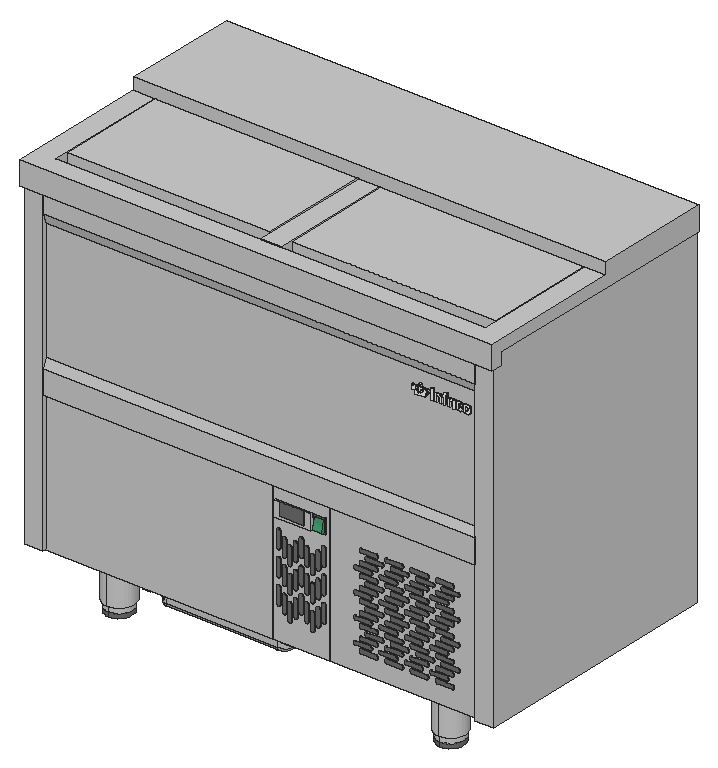
Revit family "QF_INFRICO_EB1000II_250806031856", category Specialty Equipment, Revit 2021
Family settings
  Round Connector Dimension = Use Diameter
  Part Type = Normal
  OmniClass Number = 23.40.40.14
  OmniClass Title = Food Service Equipment
  Work Plane-Based = No
  Always vertical = Yes
  Cut with Voids When Loaded = No
  Shared = No
  Room Calculation Point = No
Parameters (values of type "EB1000II")
  Weight [instance] = 64.9998 kg
  Waste Water Discharge Temperature [instance] = 0 °C
  Waste Remarks [instance] = ""
  Warranty Start Date [instance] = ""
  Warranty Duration [instance] = ""
  Volts [instance] = 230 V
  Volt Free Conn [instance] = no
  URL Recommended Spares List [instance] = ""
  URL Manufacturer [instance] = ""
  URL Cutsheet [instance] = ""
  URL Critical Spares List [instance] = ""
  URL = "www.infrico.com"
  Technical Documentation [instance] = ""
  Tag Number [instance] = ""
  Status [instance] = ""
  Start Up Current [instance] = 0 A
  Specification by User [instance] = ""
  Specification by Manufacturer [instance] = ""
  Sound Level [instance] = ""
  Show Logo [instance] = yes
  Show Clearances [instance] = yes
  Service Life Duration [instance] = ""
  Serial Number [instance] = ""
  Seismic Rating [instance] = ""
  SMACNA No [instance] = ""
  Revision Code [instance] = ""
  Revision [instance] = ""
  Production Year [instance] = ""
  Potential Equalisation [instance] = no
  Point Load [instance] = 0
  Plumbing Connection Type [instance] = ""
  Phase [instance] = 1
  Other Equipment Approvals [instance] = ""
  Operational Current [instance] = 0 A
  Number of Poles [instance] = 2
  No Load Power Draw [instance] = no
  NAFEM Spec ID Number [instance] = ""
  Model Warning [instance] = ""
  Model = "EB1000II"
  Min Ckt Ampacity [instance] = 0 A
  Max Overcurrent Protection [instance] = 0 A
  Masterspec [instance] = ""
  Manufacturer = "INFRICO"
  Main switch integrated [instance] = no
  Length Actual [instance] = 1004.062 mm
  Item Number [instance] = ""
  Installed By [instance] = ""
  Installation Date [instance] = ""
  Indirect Waste Size [instance] = 19.05 mm
  Indirect Waste Remarks [instance] = ""
  Indirect Waste Flow [instance] = 0.0 L/s
  Indirect Waste Connection Type [instance] = ""
  Indirect Waste Connection Height [instance] = 0 mm
  Identify Quantity as Lot [instance] = no
  ID [instance] = ""
  Hygiene Approval [instance] = ""
  Height Actual [instance] = 865.124 mm
  HP power [instance] = ""
  Furnished By [instance] = ""
  Foodservice Equipment Identifier [instance] = no
  FL Amps [instance] = 0 A
  Electrical Remarks [instance] = ""
  Electric power [instance] = 90 W
  Electric Connection Type [instance] = ""
  Elec Conn RI Height [instance] = 0 mm
  Elec Conn Connection Height [instance] = 0 mm
  ETL Approved [instance] = no
  Direct Waste Water Discharge Temperature [instance] = -273.15 °C
  Direct Waste Size [instance] = 19.05 mm
  Direct Waste RI Height [instance] = 0 mm
  Direct Waste Flow [instance] = 0.0 L/s
  Direct Waste Connection Height [instance] = 0 mm
  Description = "CHEST BOTTLE COOLER - TWO DOORS - R600A"
  Depth Actual [instance] = 549.91 mm
  Default Elevation = 0 mm
  Cycle [instance] = 50 Hz
  Cost = 0
  Connection to energy optimisation system [instance] = yes
  Conn Plug [instance] = ""
  Conn Conduit [instance] = no
  Centralized building control system with digital interface [instance] = ""
  CSI MasterFormat [instance] = ""
  CE Approved [instance] = no
  Barcode [instance] = 0
  Author [instance] = ""
  Asset Identifier [instance] = ""
  Apparent Power [instance] = 90 VA
  Accessory [instance] = no
Reference planes
  plane 1 "Center (Front/Back)": y = 0
  plane 2: z = 0
  plane 3 "Center (Left/Right)": x = 0
Forms (mm)
  Extrusion 1, solid, not visible
    sketch origin (572.028, -273.113, 107.005) x (1, 0, 0) y (0, 1, 0)
      loop
        line (-2, 2) -> (-2, -2) -> (2, -2) -> (2, 2) -> (-2, 2)
    from -2 to 2
  Extrusion 2, solid, not visible
    sketch origin (437.521, -84.104, 107.005) x (1, 0, 0) y (0, 1, 0)
      loop
        line (-2, 2) -> (-2, -2) -> (2, -2) -> (2, 2) -> (-2, 2)
    from -2 to 2
Dimensions and locks
  locked: nested 2 to Extrusion 1 at 2  (x2)
  locked: nested 3 to Extrusion 2 at 2  (x2)
  aligned and locked: level to plane 2
Nested families
  nested 1: "QF_INFRICO_EB1000II_2920" at (0, 0, 0), type "EB1000II"
    with Weight 64.9998 kg, Warranty Start Date "", Warranty Duration "", URL Cutsheet "", Technical Documentation "", Tag Number "", Status "", Specification by User "", Specification by Manufacturer "", Sound Level "", Solid Fuel Type "", Show Logo yes, Show Clearances yes, Show Clearance yes, Service Life Duration "", Serial Number "", Seismic Rating "", SMACNA No "", Revision Code "", Revision "", Production Year "", Point Load 0, Other Equipment Approvals "", NAFEM Spec ID Number "", Model Warning "", Masterspec "", Length Actual 1004.062 mm, Item Number "", Installed By "", Installation Date "", Identify Quantity as Lot yes, ID "", Hygiene Approval "", Height Actual 865.124 mm, Furnished By "", Foodservice Equipment Identifier yes, Finish none, ETL Approved yes, Depth Actual 549.91 mm, CSI MasterFormat "", CE Approved no, Barcode "", Author "", Asset Identifier "", Accessory no
  nested 2: "CONN_POINT_DRAIN_2D___Generic_Annotation" at (572.028, -273.113, 105.005), type "CONN_POINT_DRAIN_2D___Generic_Annotation"
    with Onboard connection annotation symbol visibility yes
  nested 3: "CONN_POINT_ELE_2D___Generic_Annotation" at (437.521, -84.104, 105.005), type "CONN_POINT_ELE_2D___Generic_Annotation"
    with Onboard connection annotation symbol visibility yes
Connectors
  piping at (572.028, -273.113, 105.005), diameter 19.05, driven by "Indirect Waste Size", driven by "Direct Waste Flow"
    settings: on Extrusion 1, index 1, connector inside diameter 609.6 mm, connector length 0 mm, flow factor 0, pipe flow 0.0 L/s, pressure drop 0.0 Pa, fitting loss kfactor 0, connector angle 0.00°, fixture units 0, engagement length 0 mm, angle of deflection 0.00°, flow configuration 1, flow direction 2, fitting loss method 0, system type 16, joint type 0, gender type 0, connector reference index -1, connector utility 0, adjustable connector no, is connector primary yes, connector description "Waste connection for EB1000II"
  electrical at (437.521, -84.104, 105.005), driven by "Apparent Power", driven by "Number of Poles", driven by "Volts"
    settings: on Extrusion 2, index 2, voltage 230 V, apparent load 0 VA, apparent load phase1 90 VA, apparent load phase2 0 VA, apparent load phase3 0 VA, power factor 1, load classification "Other", number of poles 2, system type 31, power factor state 1, is connector primary yes, connector utility no, sub classification motor no, connector description "Electrical connection for EB1000II"
Definition of nested family "QF_INFRICO_EB1000II_2920"
  Parameters (values of type "EB1000II")
    Weight [instance] = 0.00 kg
    Warranty Start Date [instance] = ""
    Warranty Duration [instance] = ""
    URL Cutsheet [instance] = ""
    URL = "www.infrico.com"
    Technical Documentation [instance] = ""
    Tag Number [instance] = ""
    Status [instance] = ""
    Specification by User [instance] = ""
    Specification by Manufacturer [instance] = ""
    Sound Level [instance] = ""
    Solid Fuel Type [instance] = ""
    Show Logo [instance] = yes
    Show Clearances [instance] = yes
    Show Clearance [instance] = yes
    Service Life Duration [instance] = ""
    Serial Number [instance] = ""
    Seismic Rating [instance] = ""
    SMACNA No [instance] = ""
    Revision Code [instance] = ""
    Revision [instance] = ""
    Production Year [instance] = ""
    Point Load [instance] = 0
    Other Equipment Approvals [instance] = ""
    NAFEM Spec ID Number [instance] = ""
    Model Warning [instance] = ""
    Model = "EB1000II"
    Masterspec [instance] = ""
    Manufacturer = "INFRICO"
    Length Actual [instance] = 0 mm
    Item Number [instance] = ""
    Installed By [instance] = ""
    Installation Date [instance] = ""
    Identify Quantity as Lot [instance] = yes
    ID [instance] = ""
    Hygiene Approval [instance] = ""
    Height Actual [instance] = 0 mm
    Furnished By [instance] = ""
    Foodservice Equipment Identifier [instance] = yes
    Finish [instance] = none
    ETL Approved [instance] = yes
    Description = "CHEST BOTTLE COOLER - TWO DOORS - R600A"
    Depth Actual [instance] = 0 mm
    Default Elevation = 0 mm
    CSI MasterFormat [instance] = ""
    CE Approved [instance] = yes
    Barcode [instance] = ""
    Author [instance] = ""
    Asset Identifier [instance] = ""
    Assembly Code = "E1090320"
    Accessory [instance] = yes
  Reference planes
    plane 1 "Back": y = 0
    plane 2: z = 0
    plane 3 "Left": x = 0
    plane 4 "Right": x = 1004
    plane 5 "Front": y = -550
    plane 6 "Top": z = 865
  Forms (mm)
    Extrusion 1, solid
      sketch origin (0, 0, -15) x (0, 1, 0) y (0, 0, 1)
        loop
          line (0, 880) -> (-247, 880) -> (-247, 855) -> (0, 855) -> (0, 880)
      from 0 to 1004
    Extrusion 2, solid
      sketch origin (0, 0, -15) x (1, 0, 0) y (0, 0, 1)
        loop
          line (44, 855) -> (0, 855) -> (0, 830) -> (3, 830) -> (3, 836) -> (44, 836) -> (44, 855)
      from 0 to 510
    Extrusion 3, solid
      sketch origin (1004, 0, -15) x (-1, 0, 0) y (0, 0, -1)
        loop
          line (44, -855) -> (44, -836) -> (3, -836) -> (3, -830) -> (0, -830) -> (0, -855) -> (44, -855)
      from 0 to 510
    Extrusion 4, solid
      sketch origin (0, 0, -15) x (0, 1, 0) y (0, 0, 1)
        loop
          line (-510, 830) -> (-510, 855) -> (-550, 855) -> (-550, 830) -> (-510, 830)
      from 0 to 1004
    Extrusion 5, solid
      sketch origin (2, 0, -15) x (0, 1, 0) y (0, 0, 1)
        loop
          line (-247, 855) -> (-482, 855) -> (-482, 832) -> (-510, 832) -> (-510, 830) -> (-247, 830) -> (-247, 855)
      from 44 to 475
    Extrusion 6, solid
      sketch origin (0, 0, -15) x (0, 1, 0) y (0, 0, 1)
        loop
          line (0, 855) -> (-44, 855) -> (-44, 830) -> (0, 830) -> (0, 855)
      from 44 to 960
    Extrusion 7, solid
      sketch origin (0, 0, -15) x (1, 0, 0) y (0, 0, 1)
        loop
          line (3, 830) -> (44, 830) -> (44, 836) -> (3, 836) -> (3, 830)
      from 0 to 44
    Extrusion 8, solid
      sketch origin (957, 0, -15) x (1, 0, 0) y (0, 0, 1)
        loop
          line (3, 830) -> (44, 830) -> (44, 836) -> (3, 836) -> (3, 830)
      from 0 to 44
    Extrusion 9, solid
      sketch origin (3, 0, -15) x (0, 1, 0) y (0, 0, 1)
        loop
          line (-542, 120) -> (0, 120) -> (0, 830) -> (-542, 830) -> (-542, 120)
      from 0 to 39
    Extrusion 10, solid, visible <- "Show Logo"
      sketch origin (-339.318, -535, -15.716) x (1, 0, 0) y (0, 0, 1)
        loop
          line (1208.799, 696.53) -> (1208.799, 719.204) -> (1204.173, 719.204) -> (1204.173, 696.53) -> (1208.799, 696.53)
        loop
          line (1214.779, 713.006) -> (1211.283, 713.006) -> (1211.283, 696.53) -> (1215.772, 696.53) -> (1215.772, 707.832)
          arc (1215.772, 707.832) -> (1217.528, 708.741) -> (1219.417, 709.324) r 11.052
          arc (1219.417, 709.324) -> (1220.929, 708.961) -> (1221.598, 707.557) r 1.806
          line (1221.598, 707.557) -> (1221.598, 696.53) -> (1226.121, 696.53) -> (1226.121, 708.689)
          arc (1226.121, 708.689) -> (1224.637, 712.075) -> (1221.141, 713.281) r 4.607
          arc (1221.141, 713.281) -> (1218.282, 712.674) -> (1215.669, 711.361) r 11.435
          line (1215.669, 711.361) -> (1215.601, 712.184)
          arc (1215.601, 712.184) -> (1215.36, 712.765) -> (1214.779, 713.006) r 0.822
        loop
          line (1238.557, 720.102) -> (1237.306, 720.102)
          arc (1237.306, 720.102) -> (1235.052, 719.926) -> (1232.881, 719.297) r 11.103
          arc (1232.881, 719.297) -> (1230.805, 717.616) -> (1230.024, 715.062) r 4.567
          line (1230.024, 715.062) -> (1230.024, 712.909) -> (1227.351, 712.703) -> (1227.351, 709.374) -> (1230.024, 709.374) -> (1230.024, 696.53) -> (1234.547, 696.53) -> (1234.547, 709.374) -> (1238.249, 709.374) -> (1238.249, 712.938) -> (1234.547, 712.938) -> (1234.547, 714.548)
          arc (1234.547, 714.548) -> (1234.956, 715.705) -> (1236.045, 716.271) r 1.67
          line (1236.045, 716.271) -> (1237.7, 716.399)
          arc (1237.7, 716.399) -> (1238.306, 716.65) -> (1238.557, 717.255) r 0.857
          line (1238.557, 717.255) -> (1238.557, 720.102)
        loop
          line (1239.479, 713.006) -> (1239.479, 696.53) -> (1243.968, 696.53) -> (1243.968, 707.352)
          arc (1243.968, 707.352) -> (1245.873, 708.631) -> (1248.077, 709.268) r 7.435
          line (1248.077, 709.268) -> (1249.241, 709.416)
          arc (1249.241, 709.416) -> (1249.643, 709.758) -> (1249.793, 710.265) r 0.928
          line (1249.793, 710.265) -> (1249.793, 712.458)
          arc (1249.793, 712.458) -> (1249.531, 713.061) -> (1248.912, 713.28) r 0.824
          arc (1248.912, 713.28) -> (1246.197, 712.588) -> (1243.899, 710.984) r 7.833
          line (1243.899, 710.984) -> (1243.726, 713.006) -> (1239.479, 713.006)
        loop
          line (1255.495, 696.53) -> (1255.495, 713.006) -> (1251.006, 713.006) -> (1251.006, 696.53) -> (1255.495, 696.53)
        loop
          arc (1257.421, 701.327) -> (1258.567, 698.188) -> (1261.466, 696.525) r 4.873
          arc (1261.466, 696.525) -> (1264.493, 696.266) -> (1267.521, 696.525) r 17.816
          arc (1267.521, 696.525) -> (1270.575, 699.134) -> (1271.505, 703.041) r 6.481
          line (1271.505, 703.041) -> (1267.187, 703.041) -> (1267.187, 701.67)
          arc (1267.187, 701.67) -> (1266.64, 700.452) -> (1265.442, 699.865) r 1.965
          arc (1265.442, 699.865) -> (1264.547, 699.816) -> (1263.653, 699.865) r 8.196
          arc (1263.653, 699.865) -> (1262.417, 700.415) -> (1261.91, 701.67) r 1.806
          line (1261.91, 701.67) -> (1261.91, 707.9)
          arc (1261.91, 707.9) -> (1262.417, 709.155) -> (1263.653, 709.705) r 1.806
          arc (1263.653, 709.705) -> (1264.547, 709.754) -> (1265.442, 709.705) r 8.196
          arc (1265.442, 709.705) -> (1266.64, 709.118) -> (1267.187, 707.9) r 1.965
          line (1267.187, 707.9) -> (1267.187, 706.838) -> (1271.505, 706.838)
          arc (1271.505, 706.838) -> (1270.524, 710.556) -> (1267.521, 712.959) r 6.132
          arc (1267.521, 712.959) -> (1264.493, 713.294) -> (1261.466, 712.959) r 13.851
          arc (1261.466, 712.959) -> (1258.571, 711.349) -> (1257.421, 708.243) r 4.772
          line (1257.421, 708.243) -> (1257.421, 701.327)
        loop
          arc (1272.916, 701.329) -> (1273.993, 698.345) -> (1276.726, 696.734) r 4.676
          arc (1276.726, 696.734) -> (1278.515, 696.455) -> (1280.318, 696.291) r 28.371
          arc (1280.318, 696.291) -> (1282.122, 696.455) -> (1283.911, 696.734) r 28.371
          arc (1283.911, 696.734) -> (1286.644, 698.345) -> (1287.72, 701.329) r 4.676
          line (1287.72, 701.329) -> (1287.72, 708.242)
          arc (1287.72, 708.242) -> (1286.644, 711.226) -> (1283.911, 712.837) r 4.676
          arc (1283.911, 712.837) -> (1282.122, 713.116) -> (1280.318, 713.28) r 28.371
          arc (1280.318, 713.28) -> (1278.515, 713.116) -> (1276.726, 712.837) r 28.371
          arc (1276.726, 712.837) -> (1273.993, 711.226) -> (1272.916, 708.242) r 4.676
          line (1272.916, 708.242) -> (1272.916, 701.329)
        loop
          line (1277.405, 707.866) -> (1277.405, 701.705)
          arc (1277.405, 701.705) -> (1277.844, 700.556) -> (1278.936, 699.991) r 1.725
          arc (1278.936, 699.991) -> (1279.627, 699.918) -> (1280.318, 699.856) r 46.133
          arc (1280.318, 699.856) -> (1281.01, 699.918) -> (1281.701, 699.991) r 46.133
          arc (1281.701, 699.991) -> (1282.793, 700.556) -> (1283.231, 701.705) r 1.725
          line (1283.231, 701.705) -> (1283.231, 707.866)
          arc (1283.231, 707.866) -> (1282.793, 709.015) -> (1281.701, 709.58) r 1.725
          arc (1281.701, 709.58) -> (1281.01, 709.653) -> (1280.318, 709.716) r 46.133
          arc (1280.318, 709.716) -> (1279.627, 709.653) -> (1278.936, 709.58) r 46.133
          arc (1278.936, 709.58) -> (1277.844, 709.015) -> (1277.405, 707.866) r 1.725
        loop
          arc (1190.339, 696.543) -> (1191.411, 696.987) -> (1191.856, 698.059) r 1.516
          line (1191.856, 698.059) -> (1191.856, 703.891) -> (1196.035, 703.891)
          arc (1196.035, 703.891) -> (1196.79, 704.121) -> (1197.218, 704.782) r 1.147
          line (1197.218, 704.782) -> (1197.218, 706.211)
          arc (1197.218, 706.211) -> (1196.787, 707.258) -> (1195.719, 707.634) r 1.385
          line (1195.719, 707.634) -> (1194.52, 707.634) -> (1197.218, 710.332)
          arc (1197.218, 710.332) -> (1197.605, 711.266) -> (1197.218, 712.2) r 1.321
          line (1197.218, 712.2) -> (1196.495, 712.923)
          arc (1196.495, 712.923) -> (1195.54, 713.338) -> (1194.558, 712.991) r 1.422
          line (1194.558, 712.991) -> (1191.853, 710.286) -> (1191.853, 711.479)
          arc (1191.853, 711.479) -> (1191.443, 712.516) -> (1190.435, 712.992) r 1.516
          line (1190.435, 712.992) -> (1189.514, 712.992)
          arc (1189.514, 712.992) -> (1188.511, 712.514) -> (1188.103, 711.479) r 1.516
          line (1188.103, 711.479) -> (1188.103, 706.83) -> (1182.073, 701.336) -> (1182.073, 707.509) -> (1185.639, 711.075)
          arc (1185.639, 711.075) -> (1186.053, 712.073) -> (1185.639, 713.071) r 1.412
          line (1185.639, 713.071) -> (1184.987, 713.723)
          arc (1184.987, 713.723) -> (1183.939, 714.141) -> (1182.915, 713.667) r 1.428
          line (1182.915, 713.667) -> (1182.073, 712.825) -> (1182.073, 717.784)
          arc (1182.073, 717.784) -> (1181.658, 718.787) -> (1180.655, 719.203) r 1.418
          line (1180.655, 719.203) -> (1179.726, 719.203)
          arc (1179.726, 719.203) -> (1178.723, 718.787) -> (1178.308, 717.784) r 1.418
          line (1178.308, 717.784) -> (1178.308, 712.825) -> (1177.466, 713.667)
          arc (1177.466, 713.667) -> (1176.442, 714.141) -> (1175.394, 713.723) r 1.428
          line (1175.394, 713.723) -> (1174.742, 713.071)
          arc (1174.742, 713.071) -> (1174.328, 712.073) -> (1174.742, 711.075) r 1.412
          line (1174.742, 711.075) -> (1178.308, 707.509) -> (1178.308, 701.336) -> (1172.278, 706.83) -> (1172.278, 711.479)
          arc (1172.278, 711.479) -> (1171.87, 712.514) -> (1170.867, 712.992) r 1.516
          line (1170.867, 712.992) -> (1169.946, 712.992)
          arc (1169.946, 712.992) -> (1168.938, 712.516) -> (1168.528, 711.479) r 1.516
          line (1168.528, 711.479) -> (1168.528, 710.286) -> (1165.823, 712.991)
          arc (1165.823, 712.991) -> (1164.841, 713.338) -> (1163.886, 712.923) r 1.422
          line (1163.886, 712.923) -> (1163.163, 712.2)
          arc (1163.163, 712.2) -> (1162.776, 711.266) -> (1163.163, 710.332) r 1.321
          line (1163.163, 710.332) -> (1165.861, 707.634) -> (1164.662, 707.634)
          arc (1164.662, 707.634) -> (1163.594, 707.258) -> (1163.163, 706.211) r 1.385
          line (1163.163, 706.211) -> (1163.163, 704.782)
          arc (1163.163, 704.782) -> (1163.591, 704.121) -> (1164.346, 703.891) r 1.147
          line (1164.346, 703.891) -> (1168.525, 703.891) -> (1168.525, 698.059)
          arc (1168.525, 698.059) -> (1168.969, 696.987) -> (1170.042, 696.543) r 1.516
          line (1170.042, 696.543) -> (1190.339, 696.543)
      from 0 to 2
    Extrusion 11, solid
      sketch origin (635.5, -534, 1402.457) x (0, -1, 0) y (0, 0, 1)
        loop
          line (0, -1056.457) -> (2, -1056.457)
          arc (2, -1056.457) -> (5.042, -1056.207) -> (8.002, -1055.466) r 18.678
          arc (8.002, -1055.466) -> (4.242, -1043.724) -> (3, -1031.457) r 59.104
          line (3, -1031.457) -> (0, -1031.457) -> (0, -1056.457)
      from 0 to 19
    Extrusion 12, solid
      sketch origin (635.5, -536, 1402.457) x (-1, 0, 0) y (0, 0, 1)
        loop
          line (22, -1028.457) -> (-3, -1028.457) -> (-3, -1059.457) -> (22, -1059.457) -> (22, -1028.457)
      from 0 to 2
    Extrusion 13, solid
      sketch origin (1813.844, -534.1, 58.143) x (-1, 0, 0) y (0, 0, 1)
        loop
          arc (1280.344, 256.857) -> (1275.844, 261.357) -> (1271.344, 256.857) r 4.5
          line (1271.344, 256.857) -> (1271.344, 225.857)
          arc (1271.344, 225.857) -> (1275.844, 221.357) -> (1280.344, 225.857) r 4.5
          line (1280.344, 225.857) -> (1280.344, 256.857)
        loop
          arc (1268.344, 244.857) -> (1263.844, 249.357) -> (1259.344, 244.857) r 4.5
          line (1259.344, 244.857) -> (1259.344, 213.857)
          arc (1259.344, 213.857) -> (1263.844, 209.357) -> (1268.344, 213.857) r 4.5
          line (1268.344, 213.857) -> (1268.344, 244.857)
        loop
          arc (1256.344, 232.857) -> (1251.844, 237.357) -> (1247.344, 232.857) r 4.5
          line (1247.344, 232.857) -> (1247.344, 201.857)
          arc (1247.344, 201.857) -> (1251.844, 197.357) -> (1256.344, 201.857) r 4.5
          line (1256.344, 201.857) -> (1256.344, 232.857)
        loop
          arc (1244.344, 244.857) -> (1239.844, 249.357) -> (1235.344, 244.857) r 4.5
          line (1235.344, 244.857) -> (1235.344, 213.857)
          arc (1235.344, 213.857) -> (1239.844, 209.357) -> (1244.344, 213.857) r 4.5
          line (1244.344, 213.857) -> (1244.344, 244.857)
        loop
          arc (1232.344, 256.857) -> (1227.844, 261.357) -> (1223.344, 256.857) r 4.5
          line (1223.344, 256.857) -> (1223.344, 225.857)
          arc (1223.344, 225.857) -> (1227.844, 221.357) -> (1232.344, 225.857) r 4.5
          line (1232.344, 225.857) -> (1232.344, 256.857)
        loop
          arc (1220.344, 244.857) -> (1215.844, 249.357) -> (1211.344, 244.857) r 4.5
          line (1211.344, 244.857) -> (1211.344, 213.857)
          arc (1211.344, 213.857) -> (1215.844, 209.357) -> (1220.344, 213.857) r 4.5
          line (1220.344, 213.857) -> (1220.344, 244.857)
        loop
          arc (1208.344, 232.857) -> (1203.844, 237.357) -> (1199.344, 232.857) r 4.5
          line (1199.344, 232.857) -> (1199.344, 201.857)
          arc (1199.344, 201.857) -> (1203.844, 197.357) -> (1208.344, 201.857) r 4.5
          line (1208.344, 201.857) -> (1208.344, 232.857)
        loop
          arc (1196.344, 244.857) -> (1191.844, 249.357) -> (1187.344, 244.857) r 4.5
          line (1187.344, 244.857) -> (1187.344, 213.857)
          arc (1187.344, 213.857) -> (1191.844, 209.357) -> (1196.344, 213.857) r 4.5
          line (1196.344, 213.857) -> (1196.344, 244.857)
        loop
          line (1175.344, 256.857) -> (1175.344, 225.857)
          arc (1175.344, 225.857) -> (1179.844, 221.357) -> (1184.344, 225.857) r 4.5
          line (1184.344, 225.857) -> (1184.344, 256.857)
          arc (1184.344, 256.857) -> (1179.844, 261.357) -> (1175.344, 256.857) r 4.5
        loop
          arc (1280.344, 202.857) -> (1275.844, 207.357) -> (1271.344, 202.857) r 4.5
          line (1271.344, 202.857) -> (1271.344, 171.857)
          arc (1271.344, 171.857) -> (1275.844, 167.357) -> (1280.344, 171.857) r 4.5
          line (1280.344, 171.857) -> (1280.344, 202.857)
        loop
          arc (1268.344, 190.857) -> (1263.844, 195.357) -> (1259.344, 190.857) r 4.5
          line (1259.344, 190.857) -> (1259.344, 159.857)
          arc (1259.344, 159.857) -> (1263.844, 155.357) -> (1268.344, 159.857) r 4.5
          line (1268.344, 159.857) -> (1268.344, 190.857)
        loop
          arc (1256.344, 178.857) -> (1251.844, 183.357) -> (1247.344, 178.857) r 4.5
          line (1247.344, 178.857) -> (1247.344, 147.857)
          arc (1247.344, 147.857) -> (1251.844, 143.357) -> (1256.344, 147.857) r 4.5
          line (1256.344, 147.857) -> (1256.344, 178.857)
        loop
          arc (1244.344, 190.857) -> (1239.844, 195.357) -> (1235.344, 190.857) r 4.5
          line (1235.344, 190.857) -> (1235.344, 159.857)
          arc (1235.344, 159.857) -> (1239.844, 155.357) -> (1244.344, 159.857) r 4.5
          line (1244.344, 159.857) -> (1244.344, 190.857)
        loop
          arc (1232.344, 202.857) -> (1227.844, 207.357) -> (1223.344, 202.857) r 4.5
          line (1223.344, 202.857) -> (1223.344, 171.857)
          arc (1223.344, 171.857) -> (1227.844, 167.357) -> (1232.344, 171.857) r 4.5
          line (1232.344, 171.857) -> (1232.344, 202.857)
        loop
          arc (1220.344, 190.857) -> (1215.844, 195.357) -> (1211.344, 190.857) r 4.5
          line (1211.344, 190.857) -> (1211.344, 159.857)
          arc (1211.344, 159.857) -> (1215.844, 155.357) -> (1220.344, 159.857) r 4.5
          line (1220.344, 159.857) -> (1220.344, 190.857)
        loop
          arc (1208.344, 178.857) -> (1203.844, 183.357) -> (1199.344, 178.857) r 4.5
          line (1199.344, 178.857) -> (1199.344, 147.857)
          arc (1199.344, 147.857) -> (1203.844, 143.357) -> (1208.344, 147.857) r 4.5
          line (1208.344, 147.857) -> (1208.344, 178.857)
        loop
          arc (1196.344, 190.857) -> (1191.844, 195.357) -> (1187.344, 190.857) r 4.5
          line (1187.344, 190.857) -> (1187.344, 159.857)
          arc (1187.344, 159.857) -> (1191.844, 155.357) -> (1196.344, 159.857) r 4.5
          line (1196.344, 159.857) -> (1196.344, 190.857)
        loop
          line (1175.344, 202.857) -> (1175.344, 171.857)
          arc (1175.344, 171.857) -> (1179.844, 167.357) -> (1184.344, 171.857) r 4.5
          line (1184.344, 171.857) -> (1184.344, 202.857)
          arc (1184.344, 202.857) -> (1179.844, 207.357) -> (1175.344, 202.857) r 4.5
        loop
          arc (1280.344, 148.857) -> (1275.844, 153.357) -> (1271.344, 148.857) r 4.5
          line (1271.344, 148.857) -> (1271.344, 117.857)
          arc (1271.344, 117.857) -> (1275.844, 113.357) -> (1280.344, 117.857) r 4.5
          line (1280.344, 117.857) -> (1280.344, 148.857)
        loop
          arc (1268.344, 136.857) -> (1263.844, 141.357) -> (1259.344, 136.857) r 4.5
          line (1259.344, 136.857) -> (1259.344, 105.857)
          arc (1259.344, 105.857) -> (1263.844, 101.357) -> (1268.344, 105.857) r 4.5
          line (1268.344, 105.857) -> (1268.344, 136.857)
        loop
          arc (1256.344, 124.857) -> (1251.844, 129.357) -> (1247.344, 124.857) r 4.5
          line (1247.344, 124.857) -> (1247.344, 93.857)
          arc (1247.344, 93.857) -> (1251.844, 89.357) -> (1256.344, 93.857) r 4.5
          line (1256.344, 93.857) -> (1256.344, 124.857)
        loop
          arc (1244.344, 136.857) -> (1239.844, 141.357) -> (1235.344, 136.857) r 4.5
          line (1235.344, 136.857) -> (1235.344, 105.857)
          arc (1235.344, 105.857) -> (1239.844, 101.357) -> (1244.344, 105.857) r 4.5
          line (1244.344, 105.857) -> (1244.344, 136.857)
        loop
          arc (1232.344, 148.857) -> (1227.844, 153.357) -> (1223.344, 148.857) r 4.5
          line (1223.344, 148.857) -> (1223.344, 117.857)
          arc (1223.344, 117.857) -> (1227.844, 113.357) -> (1232.344, 117.857) r 4.5
          line (1232.344, 117.857) -> (1232.344, 148.857)
        loop
          arc (1220.344, 136.857) -> (1215.844, 141.357) -> (1211.344, 136.857) r 4.5
          line (1211.344, 136.857) -> (1211.344, 105.857)
          arc (1211.344, 105.857) -> (1215.844, 101.357) -> (1220.344, 105.857) r 4.5
          line (1220.344, 105.857) -> (1220.344, 136.857)
        loop
          arc (1208.344, 124.857) -> (1203.844, 129.357) -> (1199.344, 124.857) r 4.5
          line (1199.344, 124.857) -> (1199.344, 93.857)
          arc (1199.344, 93.857) -> (1203.844, 89.357) -> (1208.344, 93.857) r 4.5
          line (1208.344, 93.857) -> (1208.344, 124.857)
        loop
          arc (1196.344, 136.857) -> (1191.844, 141.357) -> (1187.344, 136.857) r 4.5
          line (1187.344, 136.857) -> (1187.344, 105.857)
          arc (1187.344, 105.857) -> (1191.844, 101.357) -> (1196.344, 105.857) r 4.5
          line (1196.344, 105.857) -> (1196.344, 136.857)
        loop
          line (1175.344, 148.857) -> (1175.344, 117.857)
          arc (1175.344, 117.857) -> (1179.844, 113.357) -> (1184.344, 117.857) r 4.5
          line (1184.344, 117.857) -> (1184.344, 148.857)
          arc (1184.344, 148.857) -> (1179.844, 153.357) -> (1175.344, 148.857) r 4.5
      from 0 to 2
    Extrusion 14, solid
      sketch origin (-1000, 0, -15) x (1, 0, 0) y (0, 1, 0)
        loop
          line (1000, -550) -> (2004, -550) -> (2004, -525) -> (2001, -525) -> (2001, -548) -> (1003, -548) -> (1003, -525) -> (1000, -525) -> (1000, -550)
      from 805 to 830
    Extrusion 15, solid
      sketch origin (1002, 0, -15) x (0, 1, 0) y (0, 0, -1)
        loop
          line (-247, -855) -> (-247, -830) -> (-510, -830) -> (-510, -832) -> (-482, -832) -> (-482, -855) -> (-247, -855)
      from 44 to 475
    Extrusion 16, solid
      sketch origin (0, 0, -15) x (1, 0, 0) y (0, 1, 0)
        loop
          line (480, -247) -> (480, -510) -> (524, -510) -> (524, -247) -> (480, -247)
      from 830 to 855
    Extrusion 17, solid
      sketch origin (1001, 0, -15) x (0, 1, 0) y (0, 0, -1)
        loop
          line (-542, -120) -> (-542, -830) -> (0, -830) -> (0, -120) -> (-542, -120)
      from 0 to 39
    Extrusion 18, solid
      sketch origin (0, 0, -2) x (0, 1, 0) y (0, 0, 1)
        loop
          line (-542, 817) -> (-542, 750) -> (-535, 731) -> (-535, 474) -> (-542, 455) -> (-542, 405) -> (-525, 405) -> (-525, 817) -> (-542, 817)
      from 42 to 962
    Extrusion 19, solid
      sketch origin (0, 0, -2) x (0, 1, 0) y (0, 0, 1)
        loop
          line (0, 817) -> (-12, 817) -> (-12, 119) -> (-485, 119) -> (-485, 107) -> (0, 107) -> (0, 817)
      from 42 to 962
    Extrusion 20, solid
      sketch origin (0, 0, -2) x (0, 1, 0) y (0, 0, 1)
        loop
          line (-485, 107) -> (-485, 119) -> (-525, 119) -> (-525, 405) -> (-534, 405) -> (-534, 107) -> (-485, 107)
      from 42 to 526
    Extrusion 21, solid
      sketch origin (484, 0, -2) x (0, 1, 0) y (0, 0, 1)
        loop
          line (-485, 107) -> (-485, 119) -> (-525, 119) -> (-525, 405) -> (-534, 405) -> (-534, 107) -> (-485, 107)
      from 42 to 162
    Extrusion 22, solid
      sketch origin (604, 0, -2) x (0, 1, 0) y (0, 0, 1)
        loop
          line (-485, 107) -> (-485, 119) -> (-525, 119) -> (-525, 405) -> (-534, 405) -> (-534, 107) -> (-485, 107)
      from 42 to 358
    Extrusion 23, solid
      sketch origin (1933.844, -534.1, 58.143) x (-1, 0, 0) y (0, 0, 1)
        loop
          arc (1068.844, 176.857) -> (1064.344, 172.357) -> (1068.844, 167.857) r 4.5
          line (1068.844, 167.857) -> (1099.844, 167.857)
          arc (1099.844, 167.857) -> (1104.344, 172.357) -> (1099.844, 176.857) r 4.5
          line (1099.844, 176.857) -> (1068.844, 176.857)
        loop
          arc (1080.844, 164.857) -> (1076.344, 160.357) -> (1080.844, 155.857) r 4.5
          line (1080.844, 155.857) -> (1111.844, 155.857)
          arc (1111.844, 155.857) -> (1116.344, 160.357) -> (1111.844, 164.857) r 4.5
          line (1111.844, 164.857) -> (1080.844, 164.857)
        loop
          arc (1092.844, 152.857) -> (1088.344, 148.357) -> (1092.844, 143.857) r 4.5
          line (1092.844, 143.857) -> (1123.844, 143.857)
          arc (1123.844, 143.857) -> (1128.344, 148.357) -> (1123.844, 152.857) r 4.5
          line (1123.844, 152.857) -> (1092.844, 152.857)
        loop
          arc (1080.844, 140.857) -> (1076.344, 136.357) -> (1080.844, 131.857) r 4.5
          line (1080.844, 131.857) -> (1111.844, 131.857)
          arc (1111.844, 131.857) -> (1116.344, 136.357) -> (1111.844, 140.857) r 4.5
          line (1111.844, 140.857) -> (1080.844, 140.857)
        loop
          arc (1068.844, 128.857) -> (1064.344, 124.357) -> (1068.844, 119.857) r 4.5
          line (1068.844, 119.857) -> (1099.844, 119.857)
          arc (1099.844, 119.857) -> (1104.344, 124.357) -> (1099.844, 128.857) r 4.5
          line (1099.844, 128.857) -> (1068.844, 128.857)
        loop
          arc (1080.844, 116.857) -> (1076.344, 112.357) -> (1080.844, 107.857) r 4.5
          line (1080.844, 107.857) -> (1111.844, 107.857)
          arc (1111.844, 107.857) -> (1116.344, 112.357) -> (1111.844, 116.857) r 4.5
          line (1111.844, 116.857) -> (1080.844, 116.857)
        loop
          arc (1092.844, 104.857) -> (1088.344, 100.357) -> (1092.844, 95.857) r 4.5
          line (1092.844, 95.857) -> (1123.844, 95.857)
          arc (1123.844, 95.857) -> (1128.344, 100.357) -> (1123.844, 104.857) r 4.5
          line (1123.844, 104.857) -> (1092.844, 104.857)
        loop
          arc (1080.844, 92.857) -> (1076.344, 88.357) -> (1080.844, 83.857) r 4.5
          line (1080.844, 83.857) -> (1111.844, 83.857)
          arc (1111.844, 83.857) -> (1116.344, 88.357) -> (1111.844, 92.857) r 4.5
          line (1111.844, 92.857) -> (1080.844, 92.857)
        loop
          arc (1122.844, 176.857) -> (1118.344, 172.357) -> (1122.844, 167.857) r 4.5
          line (1122.844, 167.857) -> (1153.844, 167.857)
          arc (1153.844, 167.857) -> (1158.344, 172.357) -> (1153.844, 176.857) r 4.5
          line (1153.844, 176.857) -> (1122.844, 176.857)
        loop
          arc (1134.844, 164.857) -> (1130.344, 160.357) -> (1134.844, 155.857) r 4.5
          line (1134.844, 155.857) -> (1165.844, 155.857)
          arc (1165.844, 155.857) -> (1170.344, 160.357) -> (1165.844, 164.857) r 4.5
          line (1165.844, 164.857) -> (1134.844, 164.857)
        loop
          arc (1146.844, 152.857) -> (1142.344, 148.357) -> (1146.844, 143.857) r 4.5
          line (1146.844, 143.857) -> (1177.844, 143.857)
          arc (1177.844, 143.857) -> (1182.344, 148.357) -> (1177.844, 152.857) r 4.5
          line (1177.844, 152.857) -> (1146.844, 152.857)
        loop
          arc (1134.844, 140.857) -> (1130.344, 136.357) -> (1134.844, 131.857) r 4.5
          line (1134.844, 131.857) -> (1165.844, 131.857)
          arc (1165.844, 131.857) -> (1170.344, 136.357) -> (1165.844, 140.857) r 4.5
          line (1165.844, 140.857) -> (1134.844, 140.857)
        loop
          arc (1122.844, 128.857) -> (1118.344, 124.357) -> (1122.844, 119.857) r 4.5
          line (1122.844, 119.857) -> (1153.844, 119.857)
          arc (1153.844, 119.857) -> (1158.344, 124.357) -> (1153.844, 128.857) r 4.5
          line (1153.844, 128.857) -> (1122.844, 128.857)
        loop
          arc (1134.844, 116.857) -> (1130.344, 112.357) -> (1134.844, 107.857) r 4.5
          line (1134.844, 107.857) -> (1165.844, 107.857)
          arc (1165.844, 107.857) -> (1170.344, 112.357) -> (1165.844, 116.857) r 4.5
          line (1165.844, 116.857) -> (1134.844, 116.857)
        loop
          arc (1146.844, 104.857) -> (1142.344, 100.357) -> (1146.844, 95.857) r 4.5
          line (1146.844, 95.857) -> (1177.844, 95.857)
          arc (1177.844, 95.857) -> (1182.344, 100.357) -> (1177.844, 104.857) r 4.5
          line (1177.844, 104.857) -> (1146.844, 104.857)
        loop
          arc (1134.844, 92.857) -> (1130.344, 88.357) -> (1134.844, 83.857) r 4.5
          line (1134.844, 83.857) -> (1165.844, 83.857)
          arc (1165.844, 83.857) -> (1170.344, 88.357) -> (1165.844, 92.857) r 4.5
          line (1165.844, 92.857) -> (1134.844, 92.857)
        loop
          arc (1176.844, 176.857) -> (1172.344, 172.357) -> (1176.844, 167.857) r 4.5
          line (1176.844, 167.857) -> (1207.844, 167.857)
          arc (1207.844, 167.857) -> (1212.344, 172.357) -> (1207.844, 176.857) r 4.5
          line (1207.844, 176.857) -> (1176.844, 176.857)
        loop
          arc (1188.844, 164.857) -> (1184.344, 160.357) -> (1188.844, 155.857) r 4.5
          line (1188.844, 155.857) -> (1219.844, 155.857)
          arc (1219.844, 155.857) -> (1224.344, 160.357) -> (1219.844, 164.857) r 4.5
          line (1219.844, 164.857) -> (1188.844, 164.857)
        loop
          arc (1200.844, 152.857) -> (1196.344, 148.357) -> (1200.844, 143.857) r 4.5
          line (1200.844, 143.857) -> (1231.844, 143.857)
          arc (1231.844, 143.857) -> (1236.344, 148.357) -> (1231.844, 152.857) r 4.5
          line (1231.844, 152.857) -> (1200.844, 152.857)
        loop
          arc (1188.844, 140.857) -> (1184.344, 136.357) -> (1188.844, 131.857) r 4.5
          line (1188.844, 131.857) -> (1219.844, 131.857)
          arc (1219.844, 131.857) -> (1224.344, 136.357) -> (1219.844, 140.857) r 4.5
          line (1219.844, 140.857) -> (1188.844, 140.857)
        loop
          arc (1176.844, 128.857) -> (1172.344, 124.357) -> (1176.844, 119.857) r 4.5
          line (1176.844, 119.857) -> (1207.844, 119.857)
          arc (1207.844, 119.857) -> (1212.344, 124.357) -> (1207.844, 128.857) r 4.5
          line (1207.844, 128.857) -> (1176.844, 128.857)
        loop
          arc (1188.844, 116.857) -> (1184.344, 112.357) -> (1188.844, 107.857) r 4.5
          line (1188.844, 107.857) -> (1219.844, 107.857)
          arc (1219.844, 107.857) -> (1224.344, 112.357) -> (1219.844, 116.857) r 4.5
          line (1219.844, 116.857) -> (1188.844, 116.857)
        loop
          arc (1200.844, 104.857) -> (1196.344, 100.357) -> (1200.844, 95.857) r 4.5
          line (1200.844, 95.857) -> (1231.844, 95.857)
          arc (1231.844, 95.857) -> (1236.344, 100.357) -> (1231.844, 104.857) r 4.5
          line (1231.844, 104.857) -> (1200.844, 104.857)
        loop
          arc (1188.844, 92.857) -> (1184.344, 88.357) -> (1188.844, 83.857) r 4.5
          line (1188.844, 83.857) -> (1219.844, 83.857)
          arc (1219.844, 83.857) -> (1224.344, 88.357) -> (1219.844, 92.857) r 4.5
          line (1219.844, 92.857) -> (1188.844, 92.857)
        loop
          arc (1068.844, 272.857) -> (1064.344, 268.357) -> (1068.844, 263.857) r 4.5
          line (1068.844, 263.857) -> (1099.844, 263.857)
          arc (1099.844, 263.857) -> (1104.344, 268.357) -> (1099.844, 272.857) r 4.5
          line (1099.844, 272.857) -> (1068.844, 272.857)
        loop
          arc (1080.844, 260.857) -> (1076.344, 256.357) -> (1080.844, 251.857) r 4.5
          line (1080.844, 251.857) -> (1111.844, 251.857)
          arc (1111.844, 251.857) -> (1116.344, 256.357) -> (1111.844, 260.857) r 4.5
          line (1111.844, 260.857) -> (1080.844, 260.857)
        loop
          arc (1092.844, 248.857) -> (1088.344, 244.357) -> (1092.844, 239.857) r 4.5
          line (1092.844, 239.857) -> (1123.844, 239.857)
          arc (1123.844, 239.857) -> (1128.344, 244.357) -> (1123.844, 248.857) r 4.5
          line (1123.844, 248.857) -> (1092.844, 248.857)
        loop
          arc (1080.844, 236.857) -> (1076.344, 232.357) -> (1080.844, 227.857) r 4.5
          line (1080.844, 227.857) -> (1111.844, 227.857)
          arc (1111.844, 227.857) -> (1116.344, 232.357) -> (1111.844, 236.857) r 4.5
          line (1111.844, 236.857) -> (1080.844, 236.857)
        loop
          arc (1068.844, 224.857) -> (1064.344, 220.357) -> (1068.844, 215.857) r 4.5
          line (1068.844, 215.857) -> (1099.844, 215.857)
          arc (1099.844, 215.857) -> (1104.344, 220.357) -> (1099.844, 224.857) r 4.5
          line (1099.844, 224.857) -> (1068.844, 224.857)
        loop
          arc (1080.844, 212.857) -> (1076.344, 208.357) -> (1080.844, 203.857) r 4.5
          line (1080.844, 203.857) -> (1111.844, 203.857)
          arc (1111.844, 203.857) -> (1116.344, 208.357) -> (1111.844, 212.857) r 4.5
          line (1111.844, 212.857) -> (1080.844, 212.857)
        loop
          arc (1092.844, 200.857) -> (1088.344, 196.357) -> (1092.844, 191.857) r 4.5
          line (1092.844, 191.857) -> (1123.844, 191.857)
          arc (1123.844, 191.857) -> (1128.344, 196.357) -> (1123.844, 200.857) r 4.5
          line (1123.844, 200.857) -> (1092.844, 200.857)
        loop
          arc (1080.844, 188.857) -> (1076.344, 184.357) -> (1080.844, 179.857) r 4.5
          line (1080.844, 179.857) -> (1111.844, 179.857)
          arc (1111.844, 179.857) -> (1116.344, 184.357) -> (1111.844, 188.857) r 4.5
          line (1111.844, 188.857) -> (1080.844, 188.857)
        loop
          arc (1122.844, 272.857) -> (1118.344, 268.357) -> (1122.844, 263.857) r 4.5
          line (1122.844, 263.857) -> (1153.844, 263.857)
          arc (1153.844, 263.857) -> (1158.344, 268.357) -> (1153.844, 272.857) r 4.5
          line (1153.844, 272.857) -> (1122.844, 272.857)
        loop
          arc (1134.844, 260.857) -> (1130.344, 256.357) -> (1134.844, 251.857) r 4.5
          line (1134.844, 251.857) -> (1165.844, 251.857)
          arc (1165.844, 251.857) -> (1170.344, 256.357) -> (1165.844, 260.857) r 4.5
          line (1165.844, 260.857) -> (1134.844, 260.857)
        loop
          arc (1146.844, 248.857) -> (1142.344, 244.357) -> (1146.844, 239.857) r 4.5
          line (1146.844, 239.857) -> (1177.844, 239.857)
          arc (1177.844, 239.857) -> (1182.344, 244.357) -> (1177.844, 248.857) r 4.5
          line (1177.844, 248.857) -> (1146.844, 248.857)
        loop
          arc (1134.844, 236.857) -> (1130.344, 232.357) -> (1134.844, 227.857) r 4.5
          line (1134.844, 227.857) -> (1165.844, 227.857)
          arc (1165.844, 227.857) -> (1170.344, 232.357) -> (1165.844, 236.857) r 4.5
          line (1165.844, 236.857) -> (1134.844, 236.857)
        loop
          arc (1122.844, 224.857) -> (1118.344, 220.357) -> (1122.844, 215.857) r 4.5
          line (1122.844, 215.857) -> (1153.844, 215.857)
          arc (1153.844, 215.857) -> (1158.344, 220.357) -> (1153.844, 224.857) r 4.5
          line (1153.844, 224.857) -> (1122.844, 224.857)
        loop
          arc (1134.844, 212.857) -> (1130.344, 208.357) -> (1134.844, 203.857) r 4.5
          line (1134.844, 203.857) -> (1165.844, 203.857)
          arc (1165.844, 203.857) -> (1170.344, 208.357) -> (1165.844, 212.857) r 4.5
          line (1165.844, 212.857) -> (1134.844, 212.857)
        loop
          arc (1146.844, 200.857) -> (1142.344, 196.357) -> (1146.844, 191.857) r 4.5
          line (1146.844, 191.857) -> (1177.844, 191.857)
          arc (1177.844, 191.857) -> (1182.344, 196.357) -> (1177.844, 200.857) r 4.5
          line (1177.844, 200.857) -> (1146.844, 200.857)
        loop
          arc (1134.844, 188.857) -> (1130.344, 184.357) -> (1134.844, 179.857) r 4.5
          line (1134.844, 179.857) -> (1165.844, 179.857)
          arc (1165.844, 179.857) -> (1170.344, 184.357) -> (1165.844, 188.857) r 4.5
          line (1165.844, 188.857) -> (1134.844, 188.857)
        loop
          arc (1176.844, 272.857) -> (1172.344, 268.357) -> (1176.844, 263.857) r 4.5
          line (1176.844, 263.857) -> (1207.844, 263.857)
          arc (1207.844, 263.857) -> (1212.344, 268.357) -> (1207.844, 272.857) r 4.5
          line (1207.844, 272.857) -> (1176.844, 272.857)
        loop
          arc (1188.844, 260.857) -> (1184.344, 256.357) -> (1188.844, 251.857) r 4.5
          line (1188.844, 251.857) -> (1219.844, 251.857)
          arc (1219.844, 251.857) -> (1224.344, 256.357) -> (1219.844, 260.857) r 4.5
          line (1219.844, 260.857) -> (1188.844, 260.857)
        loop
          arc (1200.844, 248.857) -> (1196.344, 244.357) -> (1200.844, 239.857) r 4.5
          line (1200.844, 239.857) -> (1231.844, 239.857)
          arc (1231.844, 239.857) -> (1236.344, 244.357) -> (1231.844, 248.857) r 4.5
          line (1231.844, 248.857) -> (1200.844, 248.857)
        loop
          arc (1188.844, 236.857) -> (1184.344, 232.357) -> (1188.844, 227.857) r 4.5
          line (1188.844, 227.857) -> (1219.844, 227.857)
          arc (1219.844, 227.857) -> (1224.344, 232.357) -> (1219.844, 236.857) r 4.5
          line (1219.844, 236.857) -> (1188.844, 236.857)
        loop
          arc (1176.844, 224.857) -> (1172.344, 220.357) -> (1176.844, 215.857) r 4.5
          line (1176.844, 215.857) -> (1207.844, 215.857)
          arc (1207.844, 215.857) -> (1212.344, 220.357) -> (1207.844, 224.857) r 4.5
          line (1207.844, 224.857) -> (1176.844, 224.857)
        loop
          arc (1188.844, 212.857) -> (1184.344, 208.357) -> (1188.844, 203.857) r 4.5
          line (1188.844, 203.857) -> (1219.844, 203.857)
          arc (1219.844, 203.857) -> (1224.344, 208.357) -> (1219.844, 212.857) r 4.5
          line (1219.844, 212.857) -> (1188.844, 212.857)
        loop
          arc (1200.844, 200.857) -> (1196.344, 196.357) -> (1200.844, 191.857) r 4.5
          line (1200.844, 191.857) -> (1231.844, 191.857)
          arc (1231.844, 191.857) -> (1236.344, 196.357) -> (1231.844, 200.857) r 4.5
          line (1231.844, 200.857) -> (1200.844, 200.857)
        loop
          arc (1188.844, 188.857) -> (1184.344, 184.357) -> (1188.844, 179.857) r 4.5
          line (1188.844, 179.857) -> (1219.844, 179.857)
          arc (1219.844, 179.857) -> (1224.344, 184.357) -> (1219.844, 188.857) r 4.5
          line (1219.844, 188.857) -> (1188.844, 188.857)
        loop
          arc (1080.844, 284.857) -> (1076.344, 280.357) -> (1080.844, 275.857) r 4.5
          line (1080.844, 275.857) -> (1111.844, 275.857)
          arc (1111.844, 275.857) -> (1116.344, 280.357) -> (1111.844, 284.857) r 4.5
          line (1111.844, 284.857) -> (1080.844, 284.857)
        loop
          arc (1134.844, 284.857) -> (1130.344, 280.357) -> (1134.844, 275.857) r 4.5
          line (1134.844, 275.857) -> (1165.844, 275.857)
          arc (1165.844, 275.857) -> (1170.344, 280.357) -> (1165.844, 284.857) r 4.5
          line (1165.844, 284.857) -> (1134.844, 284.857)
        loop
          arc (1188.844, 284.857) -> (1184.344, 280.357) -> (1188.844, 275.857) r 4.5
          line (1188.844, 275.857) -> (1219.844, 275.857)
          arc (1219.844, 275.857) -> (1224.344, 280.357) -> (1219.844, 284.857) r 4.5
          line (1219.844, 284.857) -> (1188.844, 284.857)
        loop
          arc (1014.844, 176.857) -> (1010.344, 172.357) -> (1014.844, 167.857) r 4.5
          line (1014.844, 167.857) -> (1045.844, 167.857)
          arc (1045.844, 167.857) -> (1050.344, 172.357) -> (1045.844, 176.857) r 4.5
          line (1045.844, 176.857) -> (1014.844, 176.857)
        loop
          arc (1026.844, 164.857) -> (1022.344, 160.357) -> (1026.844, 155.857) r 4.5
          line (1026.844, 155.857) -> (1057.844, 155.857)
          arc (1057.844, 155.857) -> (1062.344, 160.357) -> (1057.844, 164.857) r 4.5
          line (1057.844, 164.857) -> (1026.844, 164.857)
        loop
          arc (1038.844, 152.857) -> (1034.344, 148.357) -> (1038.844, 143.857) r 4.5
          line (1038.844, 143.857) -> (1069.844, 143.857)
          arc (1069.844, 143.857) -> (1074.344, 148.357) -> (1069.844, 152.857) r 4.5
          line (1069.844, 152.857) -> (1038.844, 152.857)
        loop
          arc (1026.844, 140.857) -> (1022.344, 136.357) -> (1026.844, 131.857) r 4.5
          line (1026.844, 131.857) -> (1057.844, 131.857)
          arc (1057.844, 131.857) -> (1062.344, 136.357) -> (1057.844, 140.857) r 4.5
          line (1057.844, 140.857) -> (1026.844, 140.857)
        loop
          arc (1014.844, 128.857) -> (1010.344, 124.357) -> (1014.844, 119.857) r 4.5
          line (1014.844, 119.857) -> (1045.844, 119.857)
          arc (1045.844, 119.857) -> (1050.344, 124.357) -> (1045.844, 128.857) r 4.5
          line (1045.844, 128.857) -> (1014.844, 128.857)
        loop
          arc (1026.844, 116.857) -> (1022.344, 112.357) -> (1026.844, 107.857) r 4.5
          line (1026.844, 107.857) -> (1057.844, 107.857)
          arc (1057.844, 107.857) -> (1062.344, 112.357) -> (1057.844, 116.857) r 4.5
          line (1057.844, 116.857) -> (1026.844, 116.857)
        loop
          arc (1038.844, 104.857) -> (1034.344, 100.357) -> (1038.844, 95.857) r 4.5
          line (1038.844, 95.857) -> (1069.844, 95.857)
          arc (1069.844, 95.857) -> (1074.344, 100.357) -> (1069.844, 104.857) r 4.5
          line (1069.844, 104.857) -> (1038.844, 104.857)
        loop
          arc (1026.844, 92.857) -> (1022.344, 88.357) -> (1026.844, 83.857) r 4.5
          line (1026.844, 83.857) -> (1057.844, 83.857)
          arc (1057.844, 83.857) -> (1062.344, 88.357) -> (1057.844, 92.857) r 4.5
          line (1057.844, 92.857) -> (1026.844, 92.857)
        loop
          arc (1014.844, 272.857) -> (1010.344, 268.357) -> (1014.844, 263.857) r 4.5
          line (1014.844, 263.857) -> (1045.844, 263.857)
          arc (1045.844, 263.857) -> (1050.344, 268.357) -> (1045.844, 272.857) r 4.5
          line (1045.844, 272.857) -> (1014.844, 272.857)
        loop
          arc (1026.844, 260.857) -> (1022.344, 256.357) -> (1026.844, 251.857) r 4.5
          line (1026.844, 251.857) -> (1057.844, 251.857)
          arc (1057.844, 251.857) -> (1062.344, 256.357) -> (1057.844, 260.857) r 4.5
          line (1057.844, 260.857) -> (1026.844, 260.857)
        loop
          arc (1038.844, 248.857) -> (1034.344, 244.357) -> (1038.844, 239.857) r 4.5
          line (1038.844, 239.857) -> (1069.844, 239.857)
          arc (1069.844, 239.857) -> (1074.344, 244.357) -> (1069.844, 248.857) r 4.5
          line (1069.844, 248.857) -> (1038.844, 248.857)
        loop
          arc (1026.844, 236.857) -> (1022.344, 232.357) -> (1026.844, 227.857) r 4.5
          line (1026.844, 227.857) -> (1057.844, 227.857)
          arc (1057.844, 227.857) -> (1062.344, 232.357) -> (1057.844, 236.857) r 4.5
          line (1057.844, 236.857) -> (1026.844, 236.857)
        loop
          arc (1014.844, 224.857) -> (1010.344, 220.357) -> (1014.844, 215.857) r 4.5
          line (1014.844, 215.857) -> (1045.844, 215.857)
          arc (1045.844, 215.857) -> (1050.344, 220.357) -> (1045.844, 224.857) r 4.5
          line (1045.844, 224.857) -> (1014.844, 224.857)
        loop
          arc (1026.844, 212.857) -> (1022.344, 208.357) -> (1026.844, 203.857) r 4.5
          line (1026.844, 203.857) -> (1057.844, 203.857)
          arc (1057.844, 203.857) -> (1062.344, 208.357) -> (1057.844, 212.857) r 4.5
          line (1057.844, 212.857) -> (1026.844, 212.857)
        loop
          arc (1038.844, 200.857) -> (1034.344, 196.357) -> (1038.844, 191.857) r 4.5
          line (1038.844, 191.857) -> (1069.844, 191.857)
          arc (1069.844, 191.857) -> (1074.344, 196.357) -> (1069.844, 200.857) r 4.5
          line (1069.844, 200.857) -> (1038.844, 200.857)
        loop
          arc (1026.844, 188.857) -> (1022.344, 184.357) -> (1026.844, 179.857) r 4.5
          line (1026.844, 179.857) -> (1057.844, 179.857)
          arc (1057.844, 179.857) -> (1062.344, 184.357) -> (1057.844, 188.857) r 4.5
          line (1057.844, 188.857) -> (1026.844, 188.857)
        loop
          arc (1026.844, 284.857) -> (1022.344, 280.357) -> (1026.844, 275.857) r 4.5
          line (1026.844, 275.857) -> (1057.844, 275.857)
          arc (1057.844, 275.857) -> (1062.344, 280.357) -> (1057.844, 284.857) r 4.5
          line (1057.844, 284.857) -> (1026.844, 284.857)
      from 0 to 2
    Extrusion 24, solid
      sketch origin (108.5, -21.5, 97) x (1, 0, 0) y (0, 1, 0)
        loop
          line (0, 0) -> (0, -81) -> (81, -81) -> (81, 0) -> (0, 0)
      from 0 to 8
    Revolve 25, solid
      sketch origin (149, -21.5, 97) x (0, 1, 0) y (0, 0, 1)
        loop
          line (-40.5, 0) -> (-40.5, -88) -> (-12.5, -88) -> (-12.5, -75) -> (-8.5, -75) -> (-8.5, 0) -> (-40.5, 0)
        axis (-40.5, -88) -> (-40.5, 0)
      angle from 0 to 360
    Extrusion 26, solid
      sketch origin (149, -21.5, 153.077) x (1, 0, 0) y (0, 1, 0)
        loop
          circle (0, -40.5) r 28
      from -153.077 to -144.077
    Extrusion 27, solid
      sketch origin (108.5, -432.5, 97) x (1, 0, 0) y (0, 1, 0)
        loop
          line (0, 0) -> (0, -81) -> (81, -81) -> (81, 0) -> (0, 0)
      from 0 to 8
    Revolve 28, solid
      sketch origin (149, -432.5, 97) x (0, 1, 0) y (0, 0, 1)
        loop
          line (-40.5, 0) -> (-40.5, -88) -> (-12.5, -88) -> (-12.5, -75) -> (-8.5, -75) -> (-8.5, 0) -> (-40.5, 0)
        axis (-40.5, -88) -> (-40.5, 0)
      angle from 0 to 360
    Extrusion 29, solid
      sketch origin (149, -432.5, 153.077) x (1, 0, 0) y (0, 1, 0)
        loop
          circle (0, -40.5) r 28
      from -153.077 to -144.077
    Extrusion 30, solid
      sketch origin (895.5, -21.5, 97) x (-1, 0, 0) y (0, -1, 0)
        loop
          line (0, 0) -> (81, 0) -> (81, 81) -> (0, 81) -> (0, 0)
      from 0 to 8
    Revolve 31, solid
      sketch origin (855, -21.5, 97) x (0, 1, 0) y (0, 0, -1)
        loop
          line (-40.5, 0) -> (-8.5, 0) -> (-8.5, 75) -> (-12.5, 75) -> (-12.5, 88) -> (-40.5, 88) -> (-40.5, 0)
        axis (-40.5, 88) -> (-40.5, 0)
      angle from 0 to 360
    Extrusion 32, solid
      sketch origin (855, -21.5, 153.077) x (-1, 0, 0) y (0, -1, 0)
        loop
          circle (0, 40.5) r 28
      from -153.077 to -144.077
    Extrusion 33, solid
      sketch origin (895.5, -432.5, 97) x (-1, 0, 0) y (0, -1, 0)
        loop
          line (0, 0) -> (81, 0) -> (81, 81) -> (0, 81) -> (0, 0)
      from 0 to 8
    Revolve 34, solid
      sketch origin (855, -432.5, 97) x (0, 1, 0) y (0, 0, -1)
        loop
          line (-40.5, 0) -> (-8.5, 0) -> (-8.5, 75) -> (-12.5, 75) -> (-12.5, 88) -> (-40.5, 88) -> (-40.5, 0)
        axis (-40.5, 88) -> (-40.5, 0)
      angle from 0 to 360
    Extrusion 35, solid
      sketch origin (855, -432.5, 153.077) x (-1, 0, 0) y (0, -1, 0)
        loop
          circle (0, 40.5) r 28
      from -153.077 to -144.077
    Sweep 36, solid
      path origin (-46.679, -805.858, 44.104) x (-1, 0, 0) y (0, -1, 0)
        loop
          arc (-532.179, -341.858) -> (-539.957, -345.08) -> (-543.179, -352.858) r 11
          line (-543.179, -352.858) -> (-543.179, -725.858)
          arc (-543.179, -725.858) -> (-539.957, -733.636) -> (-532.179, -736.858) r 11
          line (-532.179, -736.858) -> (-295.179, -736.858)
          arc (-295.179, -736.858) -> (-287.401, -733.636) -> (-284.179, -725.858) r 11
          line (-284.179, -725.858) -> (-284.179, -352.858)
          arc (-284.179, -352.858) -> (-287.401, -345.08) -> (-295.179, -341.858) r 11
          line (-295.179, -341.858) -> (-532.179, -341.858)
      profile origin (367, -464, 44.104) x (0, -1, 0) y (0, 0, 1)
        loop
          arc (21, 36.896) -> (19.536, 40.432) -> (16, 41.896) r 5
          line (16, 41.896) -> (13, 41.896)
          arc (13, 41.896) -> (9.464, 40.432) -> (8, 36.896) r 5
          line (8, 36.896) -> (5, 1.896)
          arc (5, 1.896) -> (3.536, -1.639) -> (0, -3.104) r 5
          line (0, -3.104) -> (0, -5.104)
          arc (0, -5.104) -> (4.917, -3.086) -> (6.999, 1.803) r 7
          line (6.999, 1.803) -> (10.001, 36.821)
          arc (10.001, 36.821) -> (10.852, 38.991) -> (13, 39.896) r 3
          line (13, 39.896) -> (16, 39.896)
          arc (16, 39.896) -> (18.152, 38.986) -> (18.999, 36.809) r 3
          line (18.999, 36.809) -> (19.99, 26.896) -> (22, 26.896) -> (21, 36.896)
    Extrusion 37, solid
      sketch origin (-608.207, -487, -132.943) x (-1, 0, 0) y (0, 0, 1)
        loop
          line (-1150.207, 235.943) -> (-1131.207, 235.943) -> (-1131.207, 201.943) -> (-1115.207, 201.943) -> (-1115.207, 203.943) -> (-1129.207, 203.943) -> (-1129.207, 237.943) -> (-1150.207, 237.943) -> (-1150.207, 235.943)
      from 0 to 450
    Extrusion 38, solid
      sketch origin (1342.207, -487, -132.943) x (1, 0, 0) y (0, 0, -1)
        loop
          line (-1150.207, -235.943) -> (-1150.207, -237.943) -> (-1129.207, -237.943) -> (-1129.207, -203.943) -> (-1115.207, -203.943) -> (-1115.207, -201.943) -> (-1131.207, -201.943) -> (-1131.207, -235.943) -> (-1150.207, -235.943)
      from 0 to 450
    Extrusion 39, solid
      sketch origin (1415.5, -889, 39) x (-1, 0, 0) y (0, -1, 0)
        loop
          arc (1167, -820) -> (1174.778, -816.778) -> (1178, -809) r 11
          line (1178, -809) -> (1178, -436)
          arc (1178, -436) -> (1174.778, -428.222) -> (1167, -425) r 11
          line (1167, -425) -> (930, -425)
          arc (930, -425) -> (922.222, -428.222) -> (919, -436) r 11
          line (919, -436) -> (919, -809)
          arc (919, -809) -> (922.222, -816.778) -> (930, -820) r 11
          line (930, -820) -> (1167, -820)
      from 0 to 2
    Extrusion 40, solid
      sketch origin (1583, -539, -181) x (-1, 0, 0) y (0, 0, 1)
        loop
          arc (974, 555) -> (973, 539) -> (974, 523) r 128.5
          arc (974, 523) -> (1012.5, 521) -> (1051, 523) r 371.563
          arc (1051, 523) -> (1052, 539) -> (1051, 555) r 128.5
          arc (1051, 555) -> (1012.5, 557) -> (974, 555) r 371.563
      from 0 to 5
    Extrusion 41, solid
      sketch origin (1583, -539.1, -181) x (-1, 0, 0) y (0, 0, 1)
        loop
          line (1038, 528.124) -> (1038, 556.124)
          arc (1038, 556.124) -> (1012.5, 557) -> (987, 556.124) r 371.563
          line (987, 556.124) -> (987, 528.124) -> (1038, 528.124)
      from 0 to 2
    Extrusion 42, solid
      sketch origin (0, 0, 0) x (1, 0, 0) y (0, 0, 1)
        loop
          line (46, 817) -> (44, 817) -> (44, 815) -> (46, 815) -> (46, 817)
        loop
          line (477, 817) -> (477, 815) -> (480, 815) -> (480, 817) -> (477, 817)
        loop
          line (524, 815) -> (527, 815) -> (527, 817) -> (524, 817) -> (524, 815)
        loop
          line (958, 815) -> (960, 815) -> (960, 817) -> (958, 817) -> (958, 815)
      from 247 to 510
  Cuts and joins
    joined: Extrusion 1, Extrusion 2, Extrusion 3, Extrusion 4, Extrusion 6, Extrusion 7, Extrusion 8, Extrusion 14
    joined: Extrusion 5, Extrusion 15, Extrusion 42
  Lines and regions (mm)
    symbolic lines
      curve 1: line (0, 0, 0) -> (1004, 0, 0)
      curve 2: line (0, -550, 0) -> (0, 0, 0)
      curve 3: line (1004, -550, 0) -> (0, -550, 0)
      curve 4: line (1004, 0, 0) -> (1004, -550, 0)
      curve 5: line (0, -247, 0) -> (1004, -247, 0)
      curve 6: line (1004, -510, 0) -> (0, -510, 0)
      curve 7: line (44, -510, 0) -> (44, -247, 0)
      curve 8: line (960, -247, 0) -> (960, -510, 0)
      curve 9: line (527, -482, 0) -> (958, -482, 0)
      curve 10: line (480, -247, 0) -> (480, -510, 0)
      curve 11: line (524, -510, 0) -> (524, -247, 0)
      curve 12: line (527, -247, 0) -> (527, -482, 0)
      curve 13: line (477, -482, 0) -> (477, -247, 0)
      curve 14: line (46, -247, 0) -> (46, -482, 0)
      curve 15: line (958, -482, 0) -> (958, -247, 0)
      curve 16: line (46, -482, 0) -> (480, -482, 0)
  Dimensions and locks
    plane 1 "Back" to plane 5 "Front" = 550 mm  (x2)
    plane 3 "Left" to plane 4 "Right" = 1004 mm
    plane 6 "Top" to level = 865 mm  (x2)
    plane 4 "Right" to plane 3 "Left" = 1004 mm
    aligned and locked: level to plane 2
Definition of nested family "CONN_POINT_DRAIN_2D___Generic_Annotation"
  Parameters (values of type "CONN_POINT_DRAIN_2D___Generic_Annotation")
    Onboard connection annotation symbol visibility [instance] = yes
  Reference planes
    plane 1: y = 0
    plane 2: x = 0
  Lines and regions (mm)
    detail lines, visible <- "Onboard connection annotation symbol visibility"
      curve 1: circle (0, 0, 0) r 0.5 normal (0, 0, 1)
      curve 2: line (-1, 0, 0) -> (1, 0, 0)
      curve 3: line (0, 1, 0) -> (0, -1, 0)
      curve 4: line (1.776, 1, 0) -> (1.25, 1, 0)
      curve 5: line (1.25, 1, 0) -> (1.25, -1, 0)
      curve 6: line (1.25, -1, 0) -> (1.776, -1, 0)
      curve 7: arc (2.206, -0.862, 0) -> (2.459, -0.589, 0) -> (2.583, -0.238, 0) r 0.918
      curve 8: arc (2.583, 0.238, 0) -> (2.459, 0.589, 0) -> (2.206, 0.862, 0) r 0.918
      curve 9: arc (2.583, -0.238, 0) -> (2.599, 0, 0) -> (2.583, 0.238, 0) r 1.77
      curve 10: arc (2.206, 0.862, 0) -> (2.002, 0.965, 0) -> (1.776, 1, 0) r 0.741
      curve 11: arc (1.776, -1, 0) -> (2.002, -0.965, 0) -> (2.206, -0.862, 0) r 0.741
Definition of nested family "CONN_POINT_ELE_2D___Generic_Annotation"
  Parameters (values of type "CONN_POINT_ELE_2D___Generic_Annotation")
    Onboard connection annotation symbol visibility [instance] = yes
  Reference planes
    plane 1: y = 0
    plane 2: x = 0
  Lines and regions (mm)
    detail lines, visible <- "Onboard connection annotation symbol visibility"
      curve 1: circle (0, 0, 0) r 0.5 normal (0, 0, 1)
      curve 2: line (-1, 0, 0) -> (1, 0, 0)
      curve 3: line (0, 1, 0) -> (0, -1, 0)
      curve 4: line (2.5, 1, 0) -> (1.25, 1, 0)
      curve 5: line (1.25, 1, 0) -> (1.25, -1, 0)
      curve 6: line (1.25, -1, 0) -> (2.5, -1, 0)
      curve 7: line (1.25, 0, 0) -> (2, 0, 0)
